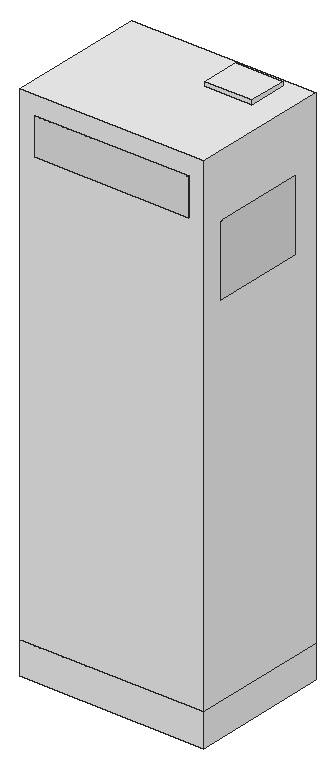
Revit family "BLAUBERG-CIVIC_EC_LB300", category Mechanical Equipment, Revit 2019
Family settings
  Round Connector Dimension = Use Diameter
  Classification = None
  Part Type = Normal
  OmniClass Number = 23.75.35.14
  OmniClass Title = Air Handling Units
  Work Plane-Based = No
  Always vertical = Yes
  Cut with Voids When Loaded = No
  Shared = No
  Room Calculation Point = No
Parameters (values of type "CIVIC EC LB 300 S14")
  osW = 310 mm
  osTopOfCenter = 330 mm
  osH = 240 mm
  osBack = 70 mm
  ofW = 520 mm
  ofTopOfCenter = 125 mm
  ofRightCenter = ofRight + ofW / 2  # 310 mm
  ofRight = 50 mm
  ofLeftCenter = ofLeft + ofW / 2  # 310 mm
  ofLeft = 50 mm
  ofH = 125 mm
  elConSide = 170 mm
  elConBack = 90 mm
  dW = 5 mm  # constant formula
  dL = 5 mm  # constant formula
  Weight = 138.00 kg
  W2 = 195 mm
  W1 = 230 mm
  W = 620 mm
  Voltage = 230 V
  URL = "https://blaubergventilatoren.de/en/product/civic-ec-lb-300-s14"
  Type Comments = "Single-room heat recovery air handling unit CIVIC EC LB 300 S14"
  Transported Air Temperature (°C) = "–25 …+40"
  Supply Air Filter = "G4+F8"
  Sound Pressure Level at 3 m (dBA) = 21
  Sound Pressure Level at 1 m (dBA) = 31
  SEC Class = "A"
  Reheater power = 0 W
  RPM (min-1) = 2150
  Preheater power = 0 W
  Power Factor = 1
  Power = Maximum Unit Power Without Electric Heater + Preheater power + Reheater power  # 125 W
  Number of Poles = 1
  Model = "CIVIC EC LB 300 S14"
  Maximum Unit Power Without Electric Heater = 125 W
  Maximum Unit Current Without Electric Heater = 0.9 A
  Maximum Unit Current With Electric Heater = 0.9 A
  Maximum Air Flow = 320 m³/h
  Manufacturer = "Blauberg"
  Maintenance Zone Side Depth = 350 mm
  Maintenance Zone Material = Maintenance Zone
  Maintenance Zone Front Depth = 600 mm
  Maintenance Zone [instance] = no
  Load Classification = HVAC
  LevellingFeetHeightCalc [instance] = if(Levelling Feet Height > 20 mm, 20 mm, if(Levelling Feet Height < 0 mm, 0 mm, Levelling Feet Height))  # 10 mm
  Levelling Feet Height [instance] = 10 mm
  L1 = 520 mm
  L = 470 mm
  Ht = 13 mm
  Heat recovery efficiency (%) = "78..92"
  Heat Exchanger Type = "counter-flow"
  Heat Exchanger Material = "polystyrene"
  Hc = H - Hb  # 1662 mm
  Hb = 100 mm
  H2 = 286 mm
  H1 = 1476 mm
  H = 1762 mm
  Grid Material = Grid Cross
  Family Version = "1.0"  # constant formula
  Extract Air Filter = "G4x2"
  Duct Connection Diameter = 200 mm
  Drain Flow [instance] = 0.0 L/s
  Drain Connection Diameter = 8 mm
  Description = "Single-room heat recovery air handling unit"
  D1 = 197 mm
  Current = Maximum Unit Current With Electric Heater  # 0.9 A
  Copyright = "©Blauberg"
  Casing Material = Painted Steel White
  Apparent Power [instance] = Power / Power Factor  # 125 VA
  Air Flow [instance] = 0 m³/h
  Air Direction Symbol [instance] = yes
Types (8, lengths in mm): name | Weight | URL | Type Comments | Reheater power | Preheater power | Power | Model | Maximum Unit Current With Electric Heater | Heat recovery efficiency (%) | Heat Exchanger Material | Current | Apparent Power
  CIVIC EC LB 300 S21 | 138.00 kg | "https://blaubergventilatoren.de/en/product/civic-ec-lb-300-s21" | "Single-room heat recovery air handling unit CIVIC EC LB 300 S21" | 0 W | 0 W | 125 W | "CIVIC EC LB 300 S21" | 0.9 A | "78..92" | "polystyrene" | 0.9 A | 125 VA
  CIVIC EC LB 300 S14 | 138.00 kg | "https://blaubergventilatoren.de/en/product/civic-ec-lb-300-s14" | "Single-room heat recovery air handling unit CIVIC EC LB 300 S14" | 0 W | 0 W | 125 W | "CIVIC EC LB 300 S14" | 0.9 A | "78..92" | "polystyrene" | 0.9 A | 125 VA
  CIVIC EC LBE 300 S21 | 139.00 kg | "https://blaubergventilatoren.de/en/product/civic-ec-lbe-300-s21" | "Single-room heat recovery air handling unit CIVIC EC LBE 300 S21" | 0 W | 1400 W | 1525 W | "CIVIC EC LBE 300 S21" | 7 A | "78..92" | "polystyrene" | 7 A | 1525 VA
  CIVIC EC LBE2 300 S21 | 140.00 kg | "https://blaubergventilatoren.de/en/product/civic-ec-lbe2-300-s21" | "Single-room heat recovery air handling unit CIVIC EC LBE2 300 S21" | 1400 W | 1400 W | 2925 W | "CIVIC EC LBE2 300 S21" | 13.1 A | "78..92" | "polystyrene" | 13.1 A | 2925 VA
  CIVIC EC LB 300-E S21 | 136.00 kg | "https://blaubergventilatoren.de/en/product/civic-ec-lb-300-e-s21" | "Single-room heat recovery air handling unit CIVIC EC LB 300-E S21" | 0 W | 0 W | 125 W | "CIVIC EC LB 300-E S21" | 0.9 A | "73..89" | "enthalpy" | 0.9 A | 125 VA
  CIVIC EC LB 300-E S14 | 136.00 kg | "https://blaubergventilatoren.de/en/product/civic-ec-lb-300-e-s14" | "Single-room heat recovery air handling unit CIVIC EC LB 300-E S14" | 0 W | 0 W | 125 W | "CIVIC EC LB 300-E S14" | 0.9 A | "73..89" | "enthalpy" | 0.9 A | 125 VA
  CIVIC EC LBE 300-E S21 | 137.00 kg | "https://blaubergventilatoren.de/en/product/civic-ec-lbe-300-e-s21" | "Single-room heat recovery air handling unit CIVIC EC LBE 300-E S21" | 0 W | 1400 W | 1525 W | "CIVIC EC LBE 300-E S21" | 7 A | "73..89" | "enthalpy" | 7 A | 1525 VA
  CIVIC EC LBE2 300-E S21 | 138.00 kg | "https://blaubergventilatoren.de/en/product/civic-ec-lbe2-300-e-s21" | "Single-room heat recovery air handling unit CIVIC EC LBE2 300-E S21" | 1400 W | 1400 W | 2925 W | "CIVIC EC LBE2 300-E S21" | 13.1 A | "73..89" | "enthalpy" | 13.1 A | 2925 VA
Reference planes
  plane 1 "Center (Front/Back)": y = 0
  plane 2: z = 0
  plane 3 "Center (Left/Right)": x = 0
  plane 4 "Front": y = -470
  plane 5 "Left": x = -310
  plane 6 "Right": x = 310
  plane 7: y = 50
  plane 8 "DuctConLeft": x = -115
  plane 9 "DuctConRight": x = 115
  plane 10: z = 10
  plane 11: z = 110
  plane 12 "DuctConHeight": z = 296
  plane 13: z = 1785
  plane 14 "Top": z = 1772
  plane 15: x = -260
  plane 16: x = 260
  plane 17: z = 1709.5
  plane 18: z = 1584.5
  plane 19 "FrontGrillCenterHeight": z = 1647
  plane 20 "SideGrillCenterHeight": z = 1442
  plane 21: z = 1562
  plane 22: z = 1322
  plane 23: y = -70
  plane 24: y = -380
  plane 25: y = -90
  plane 26: y = -400
  plane 27: z = 1562
  plane 28: z = 1322
  plane 29 "SymbolPositionLength": y = -235
  plane 30 "ElConRight": x = 140
  plane 31 "ElConBack": y = -90
  plane 32: x = 220
  plane 33: x = 60
  plane 34: y = -25
  plane 35: y = -155
  plane 36 "DrainConHeight": z = 35
  plane 37 "DrainConRight": x = 160
Forms (mm)
  Extrusion 1, solid, material "Painted Steel White" <- "Casing Material", detail levels medium+fine
    sketch origin (0, 0, 0) x (1, 0, 0) y (0, 1, 0)
      loop
        line (-310, 0) -> (-310, -470) -> (310, -470) -> (310, 0) -> (-310, 0)
    from 0 to 110
  Extrusion 2, solid, material "Painted Steel White" <- "Casing Material", detail levels medium+fine
    sketch origin (0, 0, 0) x (1, 0, 0) y (0, 1, 0)
      loop
        line (-310, 0) -> (-310, -470) -> (310, -470) -> (310, 0) -> (-310, 0)
    from 110 to 1772
  Extrusion 3, solid, material "Painted Steel White" <- "Casing Material", detail levels medium+fine
    sketch origin (0, 0, 0) x (1, 0, 0) y (0, 0, 1)
      loop
        circle (-115, 296) r 98.5
      loop
        circle (115, 296) r 98.5
    from 0 to -50
  Extrusion 4, solid, material "Grid Cross" <- "Grid Material", detail levels medium+fine
    sketch origin (0, -470, 0) x (-1, 0, 0) y (0, 0, 1)
      loop
        line (260, 1709.5) -> (-260, 1709.5) -> (-260, 1584.5) -> (260, 1584.5) -> (260, 1709.5)
    from 0 to -1
  Extrusion 5, solid, material "Grid Cross" <- "Grid Material", detail levels medium+fine
    sketch origin (-310, 0, 0) x (0, 1, 0) y (0, 0, 1)
      loop
        line (-70, 1562) -> (-380, 1562) -> (-380, 1322) -> (-70, 1322) -> (-70, 1562)
    from 0 to -1
  Extrusion 6, solid, material "Grid Cross" <- "Grid Material", detail levels medium+fine
    sketch origin (310, 0, 0) x (0, 1, 0) y (0, 0, 1)
      loop
        line (-400, 1562) -> (-400, 1322) -> (-90, 1322) -> (-90, 1562) -> (-400, 1562)
    from 0 to 1
  Extrusion 7, solid, material "Painted Steel White" <- "Casing Material", detail levels medium+fine
    sketch origin (0, 0, 1772) x (-1, 0, 0) y (0, -1, 0)
      loop
        line (-60, 25) -> (-60, 155) -> (-220, 155) -> (-220, 25) -> (-60, 25)
    from 0 to 13
  Extrusion 8, solid, material "Painted Steel White" <- "Casing Material", detail levels medium+fine
    sketch origin (0, 0, 0) x (1, 0, 0) y (0, 0, 1)
      loop
        circle (160, 35) r 4
    from 0 to -1
Lines and regions (mm)
  model lines, detail levels coarse
    curve 1: line (-310, 0, 296) -> (310, 0, 296)
    curve 2: line (-310, -470, 296) -> (-310, 0, 296)
    curve 3: line (310, -470, 296) -> (-310, -470, 296)
    curve 4: line (310, 0, 296) -> (310, -470, 296)
    curve 5: line (-115, 50, 296) -> (-115, 0, 296)
    curve 6: line (115, 50, 296) -> (115, 0, 296)
Dimensions and locks
  equal spacing: plane 5 "Left", plane 3 "Center (Left/Right)", plane 6 "Right"
  "W": plane 5 "Left" to plane 6 "Right"
  "W1": plane 8 "DuctConLeft" to plane 9 "DuctConRight"
  equal spacing: plane 8 "DuctConLeft", plane 3 "Center (Left/Right)", plane 9 "DuctConRight"
  "L": plane 4 "Front" to plane 1 "Center (Front/Back)"
  "L1": plane 7 to plane 4 "Front"
  "Hb": plane 11 to plane 10
  "Hc": plane 14 "Top" to plane 11
  "H2": plane 12 "DuctConHeight" to plane 10
  "Ht": plane 13 to plane 14 "Top"
  "ofLeft": plane 15 to plane 5 "Left"
  "ofW": plane 16 to plane 15
  "ofTopOfCenter": plane 14 "Top" to plane 19 "FrontGrillCenterHeight"
  equal spacing: plane 17, plane 19 "FrontGrillCenterHeight", plane 18
  "ofH": plane 17 to plane 18
  "osTopOfCenter": plane 14 "Top" to plane 20 "SideGrillCenterHeight"
  equal spacing: plane 21, plane 20 "SideGrillCenterHeight", plane 22
  "osH": plane 21 to plane 22
  "osBack": plane 1 "Center (Front/Back)" to plane 23
  "osW": plane 23 to plane 24
  equal spacing: plane 27, plane 20 "SideGrillCenterHeight", plane 28
  "osH": plane 27 to plane 28
  "osBack": plane 4 "Front" to plane 26
  "osW": plane 26 to plane 25
  equal spacing: plane 4 "Front", plane 29 "SymbolPositionLength", plane 1 "Center (Front/Back)"
  "elConBack": plane 31 "ElConBack" to plane 1 "Center (Front/Back)"
  "elConSide": plane 30 "ElConRight" to plane 6 "Right"
  equal spacing: plane 33, plane 30 "ElConRight", plane 32
  plane 33 to plane 32 = 160 mm
  equal spacing: plane 34, plane 31 "ElConBack", plane 35
  plane 34 to plane 35 = 130 mm
  "LevellingFeetHeightCalc": plane 10 to level
  locked: plane 36 "DrainConHeight" to plane 10 at 25
  locked: plane 37 "DrainConRight" to plane 6 "Right" at 150
  "D1": diameter of Extrusion 3 sketch curve  (x2)
  "Drain Connection Diameter": diameter of Extrusion 8 sketch curve
  aligned and locked: level to plane 2
  aligned and locked: plane 1 "Center (Front/Back)" to Extrusion 1 sketch curve
  aligned and locked: plane 5 "Left" to Extrusion 1 sketch curve
  aligned and locked: plane 4 "Front" to Extrusion 1 sketch curve
  aligned and locked: Extrusion 1 sketch curve to plane 6 "Right"
  aligned and locked: plane 11 to Extrusion 1
  aligned and locked: plane 1 "Center (Front/Back)" to Extrusion 2 sketch curve
  aligned and locked: plane 5 "Left" to Extrusion 2 sketch curve
  aligned and locked: plane 4 "Front" to Extrusion 2 sketch curve
  aligned and locked: Extrusion 2 sketch curve to plane 6 "Right"
  aligned and locked: plane 14 "Top" to Extrusion 2
  aligned and locked: Extrusion 2 to plane 11
  aligned and locked: plane 7 to Extrusion 3
  aligned and locked: plane 17 to Extrusion 4 sketch curve
  aligned and locked: Extrusion 4 sketch curve to plane 15
  aligned and locked: Extrusion 4 sketch curve to plane 18
  aligned and locked: plane 16 to Extrusion 4 sketch curve
  aligned and locked: plane 21 to Extrusion 5 sketch curve
  aligned and locked: Extrusion 5 sketch curve to plane 23
  aligned and locked: Extrusion 5 sketch curve to plane 22
  aligned and locked: plane 24 to Extrusion 5 sketch curve
  aligned and locked: Extrusion 6 sketch curve to plane 27
  aligned and locked: plane 26 to Extrusion 6 sketch curve
  aligned and locked: plane 28 to Extrusion 6 sketch curve
  aligned and locked: Extrusion 6 sketch curve to plane 25
  aligned and locked: curve 1 to Extrusion 2
  aligned and locked: curve 2 to Extrusion 2
  aligned and locked: curve 3 to Extrusion 2
  aligned and locked: curve 5 to Extrusion 3
  aligned and locked: curve 5 to plane 8 "DuctConLeft"
  aligned and locked: curve 6 to Extrusion 3
  aligned and locked: curve 6 to plane 9 "DuctConRight"
  aligned and locked: plane 29 "SymbolPositionLength" to nested 1
  aligned and locked: nested 2 to plane 29 "SymbolPositionLength"
  aligned and locked: plane 6 "Right" to nested 1
  aligned and locked: nested 2 to plane 5 "Left"
  aligned and locked: plane 3 "Center (Left/Right)" to nested 3
  aligned and locked: nested 3 to plane 4 "Front"
  aligned and locked: plane 29 "SymbolPositionLength" to nested 4
  aligned and locked: nested 5 to plane 29 "SymbolPositionLength"
  aligned and locked: nested 5 to plane 5 "Left"
  aligned and locked: plane 6 "Right" to nested 4
  aligned and locked: nested 6 to plane 4 "Front"
  aligned and locked: plane 3 "Center (Left/Right)" to nested 6
  aligned and locked: Extrusion 7 sketch curve to plane 34
  aligned and locked: plane 33 to Extrusion 7 sketch curve
  aligned and locked: plane 35 to Extrusion 7 sketch curve
  aligned and locked: Extrusion 7 sketch curve to plane 32
  aligned and locked: plane 13 to Extrusion 7
  aligned and locked: Extrusion 1 to level
  aligned and locked: plane 3 "Center (Left/Right)" to nested 7
  aligned and locked: plane 14 "Top" to nested 7
  aligned and locked: nested 8 to plane 1 "Center (Front/Back)"
  aligned and locked: plane 14 "Top" to nested 8
  aligned and locked: plane 1 "Center (Front/Back)" to nested 9
  aligned and locked: nested 9 to plane 14 "Top"
  aligned and locked: plane 6 "Right" to nested 9
  aligned and locked: plane 5 "Left" to nested 8
Automatic sketch dimensions
  Extrusion 7 sketch curve to plane 33 = 0 mm
  curve 3 to plane 6 "Right" = 0 mm
  Extrusion 3 sketch curve to plane 8 "DuctConLeft" = 0 mm
  Extrusion 3 sketch curve to plane 9 "DuctConRight" = 0 mm
  Extrusion 3 sketch curve to plane 12 "DuctConHeight" = 0 mm  (x2)
  Extrusion 8 sketch curve to plane 36 "DrainConHeight" = 0 mm
  plane 37 "DrainConRight" to Extrusion 8 sketch curve = 0 mm
Nested families
  nested 1: "GraphicalSymbol_AirDirection_Return" at (310, -235, 296) x (0, 1, 0) z (0, 0, 1), type "GraphicalSymbol_AirDirection_Return", detail levels coarse
    with DistanceFromOrigin 75 mm, W 180 mm, L 150 mm
  nested 2: "GraphicalSymbol_AirDirection_Return" at (-310, -235, 296) x (0, -1, 0) z (0, 0, 1), type "GraphicalSymbol_AirDirection_Return", detail levels coarse
    with DistanceFromOrigin 75 mm, W 180 mm, L 150 mm
  nested 3: "GraphicalSymbol_AirDirection_Supply" at (0, -470, 296), type "GraphicalSymbol_AirDirection_Supply", detail levels coarse
    with DistanceFromOrigin 75 mm, W 180 mm, L 150 mm
  nested 4: "GraphicalSymbol_AirDirection_Return" at (310, -235, 1442) x (0, 1, 0) z (0, 0, 1), visible <- "Air Direction Symbol", type "GraphicalSymbol_AirDirection_Return", detail levels medium+fine
    with DistanceFromOrigin 75 mm, W 180 mm, L 150 mm
  nested 5: "GraphicalSymbol_AirDirection_Return" at (-310, -235, 1442) x (0, -1, 0) z (0, 0, 1), visible <- "Air Direction Symbol", type "GraphicalSymbol_AirDirection_Return", detail levels medium+fine
    with DistanceFromOrigin 75 mm, W 180 mm, L 150 mm
  nested 6: "GraphicalSymbol_AirDirection_Supply" at (0, -470, 1647), visible <- "Air Direction Symbol", type "GraphicalSymbol_AirDirection_Supply", detail levels medium+fine
    with DistanceFromOrigin 75 mm, W 180 mm, L 150 mm
  nested 7: "MaintenanceZone_Rect" at (0, -470, 891) x (1, 0, 0) z (0, 1, 0), visible <- "Maintenance Zone", type "Front"
    with Maintenance Zone Width 1762 mm, Maintenance Zone Length 620 mm, Maintenance Zone Height 600 mm
  nested 8: "MaintenanceZone_Rect" at (-310, -235, 891) x (0, -1, 0) z (1, 0, 0), visible <- "Maintenance Zone", type "Side"
    with Maintenance Zone Width 1762 mm, Maintenance Zone Length 470 mm, Maintenance Zone Height 350 mm
  nested 9: "MaintenanceZone_Rect" at (660, -235, 891) x (0, 1, 0) z (1, 0, 0), visible <- "Maintenance Zone", type "Side"
    with Maintenance Zone Width 1762 mm, Maintenance Zone Length 470 mm, Maintenance Zone Height 350 mm
Connectors
  electrical at (140, -90, 1785), driven by "Number of Poles", driven by "Load Classification", driven by "Voltage", driven by "Apparent Power", driven by "Power Factor"
    settings: on Extrusion 7, index 1, voltage 230 V, apparent load 125 VA, apparent load phase1 0 VA, apparent load phase2 0 VA, apparent load phase3 0 VA, power factor 1, load classification "HVAC", number of poles 1, system type 30, power factor state 1, is connector primary yes, connector utility no, sub classification motor no, connector description ""
  hvac at (-115, 50, 296), driven by "Duct Connection Diameter", driven by "Air Flow"
    settings: on Extrusion 3, index 2, duct flow 0 m³/h, flow factor 0, pres drop 0.0 Pa, loss coef 0, conn angle 0.00°, conn width 304.8 mm, conn height 304.8 mm, conn diameter 200 mm, duct sys type 3, conn prof type 0, flow config 1, flow direction 2, loss method 0, conn ref index -1, conn util no, is conn primary yes, conn desc "Exhaust air"
  hvac at (115, 50, 296), driven by "Duct Connection Diameter", driven by "Air Flow"
    settings: on Extrusion 3, index 3, duct flow 0 m³/h, flow factor 0, pres drop 0.0 Pa, loss coef 0, conn angle 0.00°, conn width 304.8 mm, conn height 304.8 mm, conn diameter 200 mm, duct sys type 1, conn prof type 0, flow config 1, flow direction 1, loss method 0, conn ref index -1, conn util no, is conn primary no, conn desc "Intake air"
  piping at (160, 1, 35), diameter 8, driven by "Drain Connection Diameter", driven by "Drain Flow"
    settings: on Extrusion 8, index 4, connector inside diameter 609.6 mm, connector length 0 mm, flow factor 0, pipe flow 0.0 L/s, pressure drop 0.0 Pa, fitting loss kfactor 0, connector angle 0.00°, fixture units 0, engagement length 0 mm, angle of deflection 0.00°, flow configuration 1, flow direction 2, fitting loss method 0, system type 16, joint type 0, gender type 0, connector reference index -1, connector utility 0, adjustable connector no, is connector primary yes, connector description "Drain"
Definition of nested family "MaintenanceZone_Rect"
  Parameters (values of type "MaintenanceZone_Rect")
    Maintenance Zone Width = 500 mm
    Material = none
    Maintenance Zone Length = 1000 mm
    Maintenance Zone Height = 300 mm
    Family Version = ""
    Default Elevation = 1219.2 mm
    Copyright = ""
  Reference planes
    plane 1 "Center (Front/Back)": y = 0
    plane 2: z = 0
    plane 3 "Center (Left/Right)": x = 0
    plane 4: x = -500
    plane 5: x = 500
    plane 6: y = 250
    plane 7: y = -250
    plane 8: z = -300
  Forms (mm)
    Extrusion 1, solid, material <- "Material", detail levels medium+fine
      sketch origin (0, 0, 0) x (1, 0, 0) y (0, 1, 0)
        loop
          line (-500, 250) -> (-500, -250) -> (500, -250) -> (500, 250) -> (-500, 250)
      from 0 to -300
  Lines and regions (mm)
    symbolic lines, detail levels medium+fine
      curve 1: line (-500, 0, 0) -> (500, 0, 0)
      curve 2: line (-500, 0, -300) -> (-500, 0, 0)
      curve 3: line (500, 0, -300) -> (-500, 0, -300)
      curve 4: line (500, 0, 0) -> (500, 0, -300)
      curve 5: line (0, 250, 0) -> (0, -250, 0)
      curve 6: line (0, 250, -300) -> (0, 250, 0)
      curve 7: line (0, -250, -300) -> (0, 250, -300)
      curve 8: line (0, -250, 0) -> (0, -250, -300)
      curve 9: line (-500, 250, 0) -> (500, 250, 0)
      curve 10: line (-500, -250, 0) -> (-500, 250, 0)
      curve 11: line (500, -250, 0) -> (-500, -250, 0)
      curve 12: line (500, 250, 0) -> (500, -250, 0)
  Dimensions and locks
    equal spacing: plane 6, plane 1 "Center (Front/Back)", plane 7
    equal spacing: plane 4, plane 3 "Center (Left/Right)", plane 5
    "Maintenance Zone Width": plane 6 to plane 7
    "Maintenance Zone Length": plane 4 to plane 5
    "Maintenance Zone Height": plane 2 to plane 8
    aligned and locked: level to plane 2
    aligned and locked: Extrusion 1 sketch curve to plane 6
    aligned and locked: plane 4 to Extrusion 1 sketch curve
    aligned and locked: plane 7 to Extrusion 1 sketch curve
    aligned and locked: Extrusion 1 sketch curve to plane 5
    aligned and locked: Extrusion 1 to plane 8
    aligned and locked: curve 1 to Extrusion 1
    aligned and locked: curve 2 to Extrusion 1
    aligned and locked: curve 3 to Extrusion 1
    aligned and locked: curve 4 to Extrusion 1
    aligned and locked: curve 5 to Extrusion 1
    aligned and locked: curve 6 to Extrusion 1
    aligned and locked: curve 7 to Extrusion 1
    aligned and locked: curve 8 to Extrusion 1
    aligned and locked: curve 9 to Extrusion 1
    aligned and locked: curve 10 to Extrusion 1
    aligned and locked: curve 11 to Extrusion 1
    aligned and locked: curve 12 to Extrusion 1
Definition of nested family "GraphicalSymbol_AirDirection_Return"
  Parameters (values of type "GraphicalSymbol_AirDirection_Return")
    DistanceFromOrigin = 30 mm
    Default Elevation = 1219.2 mm
    W = 1.2 * L  # 60 mm
    L = 50 mm
  Reference planes
    plane 1 "Center (Front/Back)": y = 0
    plane 2: z = 0
    plane 3 "Center (Left/Right)": x = 0
    plane 4: y = -30
    plane 5: y = -80
    plane 6: x = -30
    plane 7: x = 30
  Lines and regions (mm)
    model lines
      curve 1: line (-30, -80, 0) -> (30, -80, 0)
      curve 2: line (30, -80, 0) -> (0, -30, 0)
      curve 3: line (0, -30, 0) -> (-30, -80, 0)
  Dimensions and locks
    equal spacing: plane 6, plane 3 "Center (Left/Right)", plane 7
    "DistanceFromOrigin": plane 4 to plane 1 "Center (Front/Back)"
    "L": plane 4 to plane 5
    "W": plane 6 to plane 7
    aligned and locked: level to plane 2
  Automatic sketch dimensions
    curve 1 to plane 5 = 0 mm
    curve 1 to plane 6 = 0 mm
    curve 3 to plane 3 "Center (Left/Right)" = 0 mm
    curve 2 to plane 7 = 0 mm
    curve 2 to plane 4 = 0 mm
Definition of nested family "GraphicalSymbol_AirDirection_Supply"
  Parameters (values of type "GraphicalSymbol_AirDirection_Supply")
    DistanceFromOrigin = 30 mm
    Default Elevation = 1219.2 mm
    W = 1.2 * L  # 60 mm
    L = 50 mm
  Reference planes
    plane 1 "Center (Front/Back)": y = 0
    plane 2: z = 0
    plane 3 "Center (Left/Right)": x = 0
    plane 4: y = -30
    plane 5: y = -80
    plane 6: x = -30
    plane 7: x = 30
  Lines and regions (mm)
    model lines
      curve 1: line (-30, -30, 0) -> (30, -30, 0)
      curve 2: line (30, -30, 0) -> (0, -80, 0)
      curve 3: line (0, -80, 0) -> (-30, -30, 0)
  Dimensions and locks
    equal spacing: plane 6, plane 3 "Center (Left/Right)", plane 7
    "DistanceFromOrigin": plane 4 to plane 1 "Center (Front/Back)"
    "L": plane 4 to plane 5
    "W": plane 6 to plane 7
    aligned and locked: level to plane 2
  Automatic sketch dimensions
    curve 3 to plane 6 = 0 mm
    curve 1 to plane 4 = 0 mm
    curve 2 to plane 3 "Center (Left/Right)" = 0 mm
    curve 2 to plane 7 = 0 mm
    curve 2 to plane 5 = 0 mm
